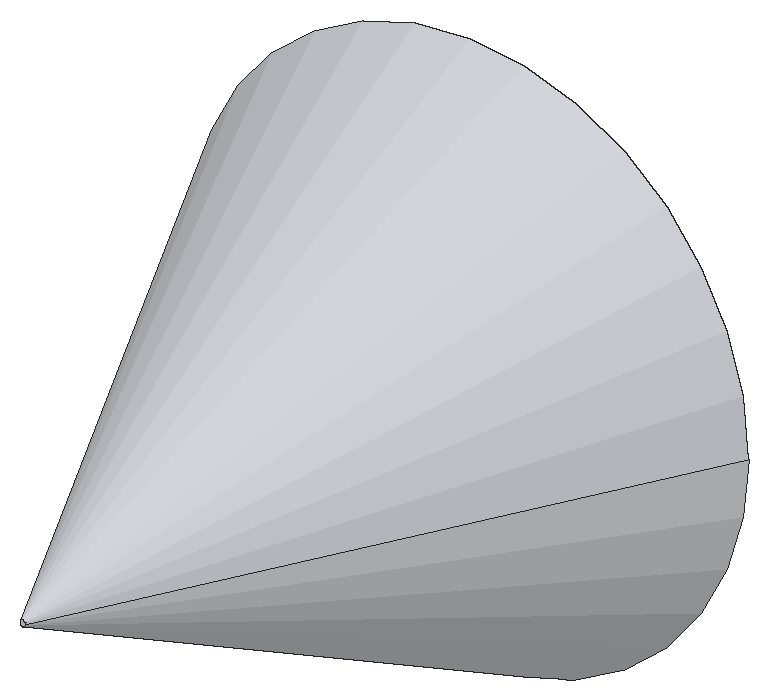
Revit family "Routing Connector In Point", category Generic Models, Revit 2022
Family settings
  Can host rebar = No
  Round Connector Dimension = Use Diameter
  Part Type = Normal
  Work Plane-Based = No
  Always vertical = Yes
  Cut with Voids When Loaded = No
  Maintain Annotation Orientation = No
  Shared = No
  Room Calculation Point = No
Parameters
  直径2 = 1 mm
  直径 [instance] = 100 mm
  Default Elevation = 0 mm
Reference planes
  plane 1 "中心(正面/背面)": y = 0
  plane 2: z = 0
  plane 3 "中心(左/右)": x = 0
Forms (mm)
  Blend 1, solid
    base sketch origin (0, -30, 0) x (1, 0, 0) y (0, 0, 1)
      loop
        circle (0, 0) r 50
    top sketch origin (0, 0, 0) x (1, 0, 0) y (0, 0, 1)
      loop
        circle (0, 0) r 0.5
    from -130 to 0
Dimensions and locks
  "直径": diameter of Blend 1 sketch curve
  "直径2": diameter of Blend 1 sketch curve
  aligned and locked: level to plane 2
  aligned and locked: plane 1 "中心(正面/背面)" to Blend 1
Automatic sketch dimensions
  Blend 1 sketch curve to level = 0 mm  (x2)
  Blend 1 sketch curve to plane 3 "中心(左/右)" = 0 mm  (x2)
